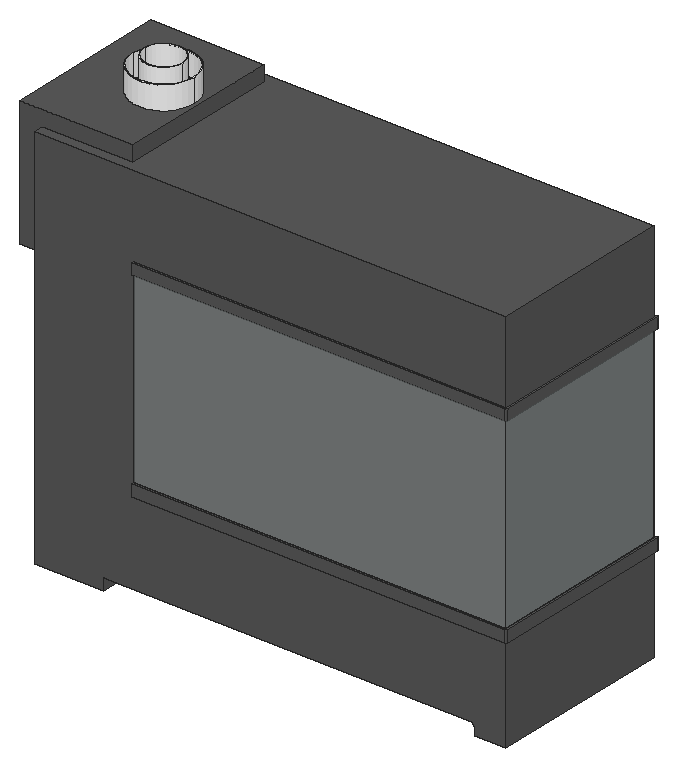
Revit family "RP424PFC", category Generic Models, Revit 2019
Family settings
  Can host rebar = No
  Round Connector Dimension = Use Diameter
  Part Type = Normal
  Work Plane-Based = No
  Always vertical = Yes
  Cut with Voids When Loaded = No
  Shared = No
  Room Calculation Point = No
Parameters
  Width = 12 5/16"
  URL = "https://www.montigo.com/"
  Model = ""
  Manufacturer Fax = ""
  Manufacturer Website = "https://www.montigo.com/"
  Manufacturer Phone - Toll Free = "800-378-3115"
  Manufacturer Phone = ""
  Manufacturer Address = "27342 Gloucester Way  Langley, BC, Canada   V4W 4A1"
  Manufacturer = "Montigo"
  Length = 53 7/16"
  Keynote = ""
  Glazing Tint = Glass - Montigo - Tint as Specified
  Frame Material = Metal - Montigo - Black
  Firebox Material = Metal - Montigo - White
  Fire Place Length = 50 5/16"
  Fire Place Height = 24 1/2"
  Fire Place - Opening = 16 9/16"
  Description = "Montigo Fireplace as Specified"
  Base Height = 6 9/16"
Reference planes (in)
  plane 1 "Center (Front/Back)": y = 0
  plane 2: z = 0
  plane 3 "Center (Left/Right)": x = 0
Forms (in)
  Extrusion 1, solid, material "Metal - Montigo - Black" <- "Frame Material"
    sketch origin (0, 0, 0) x (1, 0, 0) y (0, 1, 0)
      loop
        line (-30.46875, 11.9375) -> (-30.46875, -11.9375) -> (30.46875, -11.9375) -> (30.46875, 11.9375) -> (-30.46875, 11.9375)
    from 0 to 50
  Extrusion 2, solid, material "Metal - Montigo - Black" <- "Frame Material"
    sketch origin (0, -100.13846, 0) x (1, 0, 0) y (0, 1, 0)
      loop
        line (-33.44625, 110.71796) -> (-33.44625, 89.55896) -> (-18.87525, 89.55896) -> (-18.87525, 110.71796) -> (-33.44625, 110.71796)
    from 35.44 to 52
  Extrusion 3, void
    sketch origin (42.25, -6.4375, 0) x (-1, 0, 0) y (0, 0, -1)
      loop
        line (63.78175, -1.5) -> (63.78175, 0) -> (15.78175, 0) -> (15.78175, -1.06) -> (16.22175, -1.5) -> (63.78175, -1.5)
    from -26.35078 to 12
  Extrusion 4, solid, material "Metal - Montigo - Black" <- "Frame Material"
    sketch origin (0, 0, 0) x (1, 0, 0) y (0, 1, 0)
      loop
        line (-17.54625, -12) -> (-17.54625, -12.315) -> (30.64375, -12.315)
        arc (30.64375, -12.315) -> (30.78517, -12.25642) -> (30.84375, -12.115) r 0.2
        line (30.84375, -12.115) -> (30.84375, 12.115)
        arc (30.84375, 12.115) -> (30.78517, 12.25642) -> (30.64375, 12.315) r 0.2
        line (30.64375, 12.315) -> (-17.54625, 12.315) -> (-17.54625, 12) -> (30.52875, 12) -> (30.52875, -12) -> (-17.54625, -12)
    from 12.487 to 13.925
  Extrusion 5, solid, material "Metal - Montigo - Black" <- "Frame Material"
    sketch origin (0, 0, 0) x (1, 0, 0) y (0, 1, 0)
      loop
        line (-17.54625, -12) -> (-17.54625, -12.315) -> (30.64375, -12.315)
        arc (30.64375, -12.315) -> (30.78517, -12.25642) -> (30.84375, -12.115) r 0.2
        line (30.84375, -12.115) -> (30.84375, 12.115)
        arc (30.84375, 12.115) -> (30.78517, 12.25642) -> (30.64375, 12.315) r 0.2
        line (30.64375, 12.315) -> (-17.54625, 12.315) -> (-17.54625, 12) -> (30.52875, 12) -> (30.52875, -12) -> (-17.54625, -12)
    from 38.2 to 39.513
  Extrusion 6, solid, material "Glass - Montigo - Tint as Specified" <- "Glazing Tint"
    sketch origin (0, 0, 0) x (1, 0, 0) y (0, 1, 0)
      loop
        line (-17.54625, -11.9375) -> (-17.54625, -12) -> (30.52875, -12) -> (30.52875, 12) -> (-17.54625, 12) -> (-17.54625, 11.9375) -> (30.46875, 11.9375) -> (30.46875, -11.9375) -> (-17.54625, -11.9375)
    from 13.925 to 38.2
Cuts and joins
  Extrusion 3 cuts Extrusion 1
  joined: Extrusion 1, Extrusion 2
Dimensions and locks (in)
  Extrusion 1 to Extrusion 1 to level = 50", 0"
  Extrusion 1 to level = 0"
  Extrusion 1 to Extrusion 1 = 60 15/16"
  aligned and locked: level to plane 2
Nested families (in)
  nested 1: "Duct Dia" at (-23.32125, 0, 52), type "5""
    with Height 4 1/8", Intake Duct Dia 5", Intake Diameter 4 7/8"
  nested 2: "Duct Dia" at (-23.32125, 0, 52), type "8""
    with Height 3", Intake Duct Dia 8", Intake Diameter 7 7/8"
Connectors (in)
  hvac at (-23.32125, 0, 56.125)
    settings: on nested 1, index 1, duct flow 0.0 L/s, flow factor 0, pres drop 0.0 Pa, loss coef 0, conn angle 0.00°, conn width 304.8 mm, conn height 304.8 mm, conn diameter 127 mm, duct sys type 1, conn prof type 0, flow config 0, flow direction 0, loss method 0, conn ref index -1, conn util no, is conn primary yes, conn desc ""
  hvac at (-23.32125, 0, 55)
    settings: on nested 2, index 2, duct flow 0.0 L/s, flow factor 0, pres drop 0.0 Pa, loss coef 0, conn angle 0.00°, conn width 304.8 mm, conn height 304.8 mm, conn diameter 203.2 mm, duct sys type 1, conn prof type 0, flow config 0, flow direction 0, loss method 0, conn ref index -1, conn util no, is conn primary no, conn desc ""
Definition of nested family "Duct Dia"
  Parameters (values of type "9 3/4" Dia.")
    Intake Duct Dia = 9 3/4"
    Intake Diameter = Intake Duct Dia - 1/8"  # 9 5/8"
    Height [instance] = 4"
    Firebox Material = none
    Default Elevation = 48"
  Reference planes (in)
    plane 1 "Center (Front/Back)": y = 0
    plane 2: z = 0
    plane 3 "Center (Left/Right)": x = 0
    plane 4: z = 4
  Forms (in)
    Extrusion 1, solid
      sketch origin (0, 0, 0) x (1, 0, 0) y (0, 1, 0)
        loop
          line (-48, 48) -> (-48, -48) -> (48, -48) -> (48, 48) -> (-48, 48)
      from 0 to -12
    Extrusion 2, solid, material <- "Firebox Material"
      sketch origin (0, 0, 0) x (1, 0, 0) y (0, 1, 0)
        loop
          circle (0, 0) r 4.875
        loop
          circle (0, 0) r 4.8125
      from 0 to 4
  Dimensions and locks (in)
    "Height": plane 4 to level
    "Intake Duct Dia": diameter of Extrusion 2 sketch curve
    "Intake Diameter": diameter of Extrusion 2 sketch curve
    aligned and locked: plane 2 to Extrusion 1
    aligned and locked: level to Extrusion 1
    aligned and locked: plane 4 to Extrusion 2
  Automatic sketch dimensions
    Extrusion 1 sketch curve to Extrusion 1 sketch curve = 96"  (x2)
    Extrusion 2 sketch curve to Extrusion 2 sketch curve = 0"  (x2)
    plane 1 "Center (Front/Back)" to Extrusion 2 sketch curve = 0"
    Extrusion 2 sketch curve to plane 3 "Center (Left/Right)" = 0"
